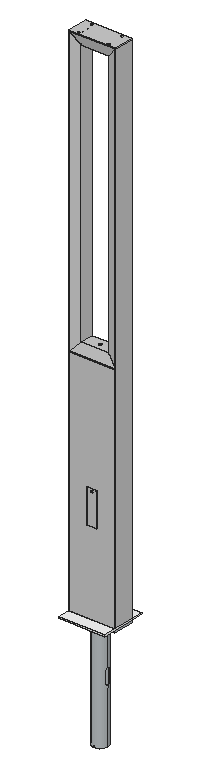
Revit family "BE_99075_de_DE", category Leuchten, Revit 2020
Family settings
  Basisbauteil = Fläche
  Bemaßung runder Anschluss = Durchmesser verwenden
  Teiletyp = Normal
  Beim Laden mit Abzugskörper schneiden = Ja
  Lichtquelle = Ja
  Gemeinsam genutzt = Nein
  Raumberechnungspunkt = Ja
Parameters (values of type "BEGA_99075_Silber_K3")
  built-in parameter 1150104 = 16.775 (stored number, unit not read)
  Windangriffsfläche = "1.63 m²"
  Werkzeuglos = ""
  Wattage = 35.5 W
  Default Elevation = 0 mm
  built-in parameter 1150113 = 1 (stored number, unit not read)
  built-in parameter 1114218 = 1 (stored number, unit not read)
  Umgebungstemperatur = "25 °C"
  URL = "https://www.bega.com/de/produkt/99075"
  Typenkommentare = "© 2022 BEGA. Wir behalten uns das Recht vor, technische Änderungen ohne vorherige Ankündigung vorzunehmen."  # constant formula
  Type Image = 99075.png
  built-in parameter 1150134 = (empty or 0)
  built-in parameter 1150109 = 1 (stored number, unit not read)
  Strom = ""
  built-in parameter 1150110 = 1 (stored number, unit not read)
  Spannung = 239.996 V
  Sonderanfertigung = no
  Seriennummer [instance] = "Hier können Sie die eindeutige Seriennummer für das Facility Management eintragen."
  Schutzklasse = "I"
  Schutzart = "IP 65"
  Scheinlast = 0 VA
  Produktdatenblatt = "https://cdn.bega.com/bega/products/99075K4/current/documents/data-sheets/de"
  Oberflächentemperatur = ""
  Neigungswinkel = 0.00°
  Modell = "99075AK3"
  Material_18 = BEGA_Gummi_schwarz
  Material_17 = BEGA_Reflektor
  Material_15 = BEGA_Leuchtmedium_matt
  Material_11 = BEGA_Glas_opal
  Material_10 = BEGA_Glas_matt
  Material_09 = BEGA_Glas_klar
  Material_06 = BEGA_Oberfläche_Edelstahl_gebürstet
  Material_03 = BEGA_Oberfläche_Weiss_matt
  Material_02 = BEGA_Oberfläche_Silber_matt
  Material_01 [instance] = BEGA_Oberfläche_Grafit_matt
  M_W = no
  M_G = no
  M_A = yes
  Logo = 0
  built-in parameter 1114217 = 1 (stored number, unit not read)
  built-in parameter 1150139 = (empty or 0)
  built-in parameter 1150105 = 510.08 (stored number, unit not read)
  built-in parameter 1150114 = 1 (stored number, unit not read)
  Lumens = 6409.88 lm
  built-in parameter 1150115 = 1 (stored number, unit not read)
  Leuchtenlichtstrom = "3767 lm"
  Leuchtenanzahl = ""
  Lebensdauerkriterien = "L70B50 @ 25 °C = 200000 h"
  Lastklassifizierung = Beleuchtung
  built-in parameter 1150112 = 1 (stored number, unit not read)
  Lampenlichtstrom = "6680 lm"
  Lampe = "LED 35.2 W"
  LED_Modulbezeichnung = "LED-0315/830"
  built-in parameter 1150142 = "IESNA:LM-63-1995\r\n[TEST] \r\n[MANUFAC] BEGA\r\n[MORE] Converted by LUMCat V \r\n[MORE] 07.12.2016 / H.R.\r\n[LUMCAT] \r\n[LUMINAIRE] 99075K3 0°\r\n[LAMPCAT] LED  35,5W\r\n[LAMPCAT] LED  35,5W    3615 lm,   42 W\r\n[LAMP] LED  35,5W\r\nTILT=NONE\r\n1    3615 1.0 73 19 1 2 0.100 0.220 0.000\r\n1.0 1.0 42\r\n   0.0   2.5   5.0   7.5  10.0  12.5  15.0  17.5  20.0  22.5  25.0  27.5  30.0\r\n  32.5  35.0  37.5  40.0  42.5  45.0  47.5  50.0  52.5  55.0  57.5  60.0  62.5\r\n  65.0  67.5  70.0  72.5  75.0  77.5  80.0  82.5  85.0  87.5  90.0  92.5  95.0\r\n  97.5 100.0 102.5 105.0 107.5 110.0 112.5 115.0 117.5 120.0 122.5 125.0 127.5\r\n 130.0 132.5 135.0 137.5 140.0 142.5 145.0 147.5 150.0 152.5 155.0 157.5 160.0\r\n 162.5 165.0 167.5 170.0 172.5 175.0 177.5 180.0\r\n   0.0   5.0  10.0  15.0  20.0  25.0  30.0  35.0  40.0  45.0  50.0  55.0  60.0\r\n  65.0  70.0  75.0  80.0  85.0  90.0\r\n       2.9       6.6     132.9     452.5     554.3     376.1     194.1      65.7\r\n      39.3      34.3      30.3      24.0      18.3      13.9      10.3       7.6\r\n       5.6       4.2       3.2       2.3       1.6       1.1       0.6       0.3\r\n       0.2       0.1       0.0       0.1       0.1       0.0       0.1       0.0\r\n       0.1       0.0       0.1       0.1       0.0       0.1       0.1       0.0\r\n       0.1       0.1       0.0       0.0       0.0       0.0       0.0       0.0\r\n       0.0       0.0       0.0       0.0       0.0       0.0       0.1       0.0\r\n       0.0       0.0       0.0       0.0       0.0       0.0       0.1       0.0\r\n       0.1       0.1       0.1       0.1       0.1       0.1       0.1       0.3\r\n       0.3\r\n       2.9       6.6     137.3     481.2     601.8     410.8     214.3      77.2\r\n      45.4      38.3      33.4      26.9      21.0      15.8      12.0       8.9\r\n       6.7       5.0       3.8       2.9       2.1       1.6       1.0       0.7\r\n       0.5       0.4       0.3       0.3       0.3       0.2       0.2       0.2\r\n       0.1       0.1       0.1       0.1       0.1       0.1       0.1       0.1\r\n       0.1       0.1       0.1       0.1       0.1       0.1       0.1       0.1\r\n       0.1       0.1       0.0       0.0       0.0       0.0       0.0       0.1\r\n       0.0       0.0       0.1       0.0       0.0       0.0       0.0       0.0\r\n       0.1       0.1       0.1       0.1       0.1       0.1       0.1       0.3\r\n       0.3\r\n       2.9       6.7     150.2     568.2     740.3     532.9     297.1     137.5\r\n      80.7      60.4      50.8      41.9      35.0      29.4      24.8      21.0\r\n      17.9      15.4      13.2      11.5      10.3       9.3       8.4       7.6\r\n       6.9       6.3       5.8       5.6       5.2       4.8       4.4       4.2\r\n       3.9       3.7       3.4       3.2       3.0       2.8       2.6       2.4\r\n       2.3       2.2       2.2       2.0       1.9       1.8       1.6       1.5\r\n       1.3       1.1       0.9       0.7       0.4       0.3       0.2       0.1\r\n       0.1       0.1       0.1       0.0       0.0       0.1       0.0       0.1\r\n       0.1       0.1       0.0       0.0       0.1       0.1       0.1       0.3\r\n       0.3\r\n       2.9       6.8     170.3     700.6     950.2     748.7     484.2     311.3\r\n     223.8     176.3     145.9     119.6      98.0      81.9      68.9      58.7\r\n      50.4      43.5      37.2      32.4      28.5      25.3      22.7      20.5\r\n      18.6      17.1      15.7      14.6      13.4      12.4      11.6      10.7\r\n       9.8       9.0       8.3       7.6       7.1       6.7       6.0       5.7\r\n       5.2       4.7       4.4       4.0       3.7       3.3       3.0       2.9\r\n       2.7       2.5       2.3       1.9       1.6       1.4       1.2       0.9\r\n       0.6       0.4       0.3       0.2       0.1       0.1       0.1       0.1\r\n       0.1       0.1       0.1       0.0       0.1       0.1       0.1       0.3\r\n       0.3\r\n       2.9       6.9     194.2     855.8    1211.6    1059.7     806.0     659.3\r\n     565.7     507.8     449.6     388.9     330.3     278.9     233.5     196.6\r\n     164.3     136.9     112.9      92.2      74.0      59.1      47.6      38.9\r\n      32.5      28.5      25.8      23.5      21.5      19.9      18.3      16.8\r\n      15.5      14.2      12.9      11.7      11.0      10.3       9.6       8.8\r\n       8.0       7.1       6.4       5.9       5.4       4.9       4.4       4.0\r\n       3.6       3.3       3.1       2.8       2.5       2.2       2.0       1.7\r\n       1.4       1.1       0.8       0.6       0.4       0.3       0.2       0.3\r\n       0.1       0.1       0.1       0.1       0.1       0.1       0.1       0.3\r\n       0.3\r\n       2.9       7.0     218.9    1021.6    1505.4    1410.8    1186.5    1056.9\r\n     957.4     880.3     798.6     714.5     629.9     551.0     477.8     412.1\r\n     353.6     300.8     253.0     210.2     171.2     136.3     106.6      82.0\r\n      62.6      48.5      38.6      31.9      28.2      25.4      23.1      21.0\r\n      19.3      17.3      15.9      14.4      13.5      12.4      11.6      10.5\r\n       9.6       8.9       8.0       7.4       6.7       6.0       5.5       5.1\r\n       4.6       4.2       3.9       3.5       3.1       2.8       2.5       2.1\r\n       2.0       1.7       1.4       1.1       0.8       0.7       0.5       0.5\r\n       0.4       0.4       0.3       0.2       0.1       0.1       0.2       0.3\r\n       0.3\r\n       2.9       7.0     243.0    1189.7    1793.5    1737.2    1553.6    1445.7\r\n    1356.1    1261.3    1156.7    1047.8     937.4     833.4     735.9     643.3\r\n     560.4     483.8     413.2     349.2     289.5     235.9     189.7     150.2\r\n     117.7      91.7      70.8      54.3      42.8      34.1      27.9      23.7\r\n      20.6      18.0      16.1      14.5      13.4      12.6      11.5      10.8\r\n       9.9       9.1       8.4       7.9       7.3       6.6       6.1       5.5\r\n       5.0       4.6       4.2       3.9       3.5       3.1       2.8       2.5\r\n       2.2       2.0       1.8       1.6       1.2       1.0       0.9       0.8\r\n       0.7       0.7       0.5       0.4       0.2       0.1       0.2       0.3\r\n       0.3\r\n       2.9       7.0     265.5    1344.6    2046.0    2024.4    1893.5    1800.0\r\n    1707.0    1600.8    1485.1    1363.3    1238.1    1113.9     992.2     874.4\r\n     767.5     668.0     577.3     495.2     420.8     353.3     294.7     243.5\r\n     199.4     162.9     131.4     104.5      82.3      64.5      50.1      38.9\r\n      30.0      22.8      18.0      14.6      12.9      11.7      10.8      10.0\r\n       9.4       8.8       8.2       7.6       7.2       6.6       6.2       5.7\r\n       5.2       4.7       4.4       4.1       3.7       3.3       3.0       2.8\r\n       2.6       2.1       2.0       1.8       1.6       1.3       1.1       1.0\r\n       0.9       0.9       0.8       0.6       0.3       0.2       0.2       0.3\r\n       0.3\r\n       2.9       6.8     284.6    1471.3    2256.5    2265.9    2183.2    2112.0\r\n    2030.4    1931.6    1813.8    1685.0    1549.2    1414.5    1283.5    1154.8\r\n    1028.6     908.7     792.7     685.9     586.1     499.4     425.7     359.0\r\n     302.1     253.5     211.0     173.7     141.6     113.8      89.9      68.6\r\n      50.5      35.5      23.6      15.7      11.9      11.0      10.1       9.4\r\n       8.9       8.4       7.9       7.2       6.7       6.3       6.0       5.5\r\n       5.1       4.7       4.4       4.0       3.7       3.4       3.1       2.8\r\n       2.6       2.3       2.1       1.9       1.7       1.5       1.3       1.3\r\n       1.1       1.1       1.0       0.9       0.5       0.3       0.2       0.3\r\n       0.3\r\n       2.9       6.7     297.9    1572.2    2422.3    2464.8    2410.3    2342.8\r\n    2259.1    2163.7    2061.4    1948.8    1831.5    1707.1    1577.3    1437.7\r\n    1295.2    1152.4    1010.6     880.0     761.1     656.2     561.6     480.3\r\n     408.6     346.2     290.9     242.5     199.4     161.1     126.5      97.3\r\n      70.8      48.2      29.8      17.4      11.8      10.4       9.4       8.7\r\n       8.1       7.8       7.5       6.8       6.3       6.1       5.6       5.4\r\n       5.0       4.7       4.3       3.9       3.8       3.5       3.1       2.8\r\n       2.5       2.3       2.2       2.0       1.7       1.5       1.4       1.4\r\n       1.3       1.3       1.2       1.1       0.7       0.3       0.2       0.3\r\n       0.3\r\n       2.9       6.5     303.7    1656.9    2546.9    2616.9    2575.7    2515.9\r\n    2442.6    2356.8    2256.2    2158.3    2051.9    1921.8    1779.5    1624.1\r\n    1465.8    1309.1    1160.3    1026.7     903.9     790.1     692.1     600.3\r\n     518.9     445.9     378.6     318.0     263.1     212.5     167.8     127.8\r\n      91.3      59.9      35.7      18.7      11.1       9.8       8.5       7.9\r\n       7.6       7.1       6.8       6.5       6.1       5.6       5.2       4.9\r\n       4.4       4.3       4.1       3.7       3.4       3.2       3.0       2.7\r\n       2.6       2.3       2.1       1.8       1.7       1.6       1.5       1.4\r\n       1.3       1.3       1.3       1.3       0.9       0.4       0.2       0.3\r\n       0.3\r\n       2.9       6.3     302.0    1723.3    2636.3    2716.9    2681.2    2635.3\r\n    2570.0    2498.8    2428.1    2337.4    2210.9    2060.6    1895.9    1729.8\r\n    1562.3    1402.7    1258.3    1127.2    1005.5     893.9     789.5     692.7\r\n     602.7     518.4     440.6     368.1     302.9     244.1     191.5     144.9\r\n     103.2      67.6      39.0      19.2      10.2       8.9       7.7       7.0\r\n       6.6       6.3       5.9       5.6       5.4       5.0       4.8       4.6\r\n       4.3       4.0       3.8       3.5       3.3       3.1       2.9       2.7\r\n       2.4       2.1       1.9       1.8       1.6       1.5       1.4       1.4\r\n       1.4       1.3       1.4       1.5       1.2       0.5       0.3       0.3\r\n       0.3\r\n       2.9       6.1     295.3    1765.5    2703.5    2777.7    2748.5    2702.0\r\n    2651.3    2596.9    2534.2    2430.1    2290.9    2132.1    1962.8    1791.7\r\n    1626.4    1475.6    1335.2    1199.8    1073.3     951.4     838.8     732.3\r\n     634.1     543.4     459.9     382.4     314.3     252.5     198.4     149.0\r\n     105.4      68.3      38.9      18.5       9.6       8.3       6.9       6.0\r\n       5.8       5.5       5.2       5.0       4.7       4.4       4.3       4.0\r\n       3.8       3.7       3.4       3.1       3.0       2.8       2.5       2.3\r\n       2.2       2.0       1.8       1.6       1.6       1.4       1.3       1.3\r\n       1.4       1.4       1.4       1.6       1.3       0.7       0.3       0.3\r\n       0.3\r\n       2.9       6.0     286.4    1785.2    2749.9    2819.8    2792.1    2753.9\r\n    2709.2    2674.4    2598.3    2469.8    2321.5    2154.0    1985.4    1817.2\r\n    1663.6    1516.5    1375.1    1239.7    1107.3     980.7     860.7     747.9\r\n     643.5     547.7     460.1     381.2     311.5     249.3     193.7     143.6\r\n     100.6      64.5      36.4      16.7       8.3       7.2       5.9       5.0\r\n       4.7       4.5       4.3       4.2       3.9       3.8       3.6       3.4\r\n       3.2       3.1       2.9       2.7       2.6       2.4       2.3       2.2\r\n       1.9       1.8       1.6       1.6       1.4       1.2       1.2       1.2\r\n       1.3       1.3       1.4       1.6       1.4       0.8       0.3       0.3\r\n       0.3\r\n       2.9       5.9     277.4    1793.4    2771.4    2839.2    2813.7    2777.7\r\n    2748.3    2715.8    2617.1    2482.6    2325.2    2154.2    1988.5    1826.9\r\n    1679.2    1531.0    1388.7    1246.4    1104.2     974.5     850.8     736.8\r\n     628.9     531.1     443.7     365.3     296.7     231.6     176.6     129.8\r\n      89.8      57.1      32.1      15.1       7.4       6.3       5.2       4.1\r\n       3.8       3.7       3.6       3.4       3.3       3.1       3.0       2.7\r\n       2.6       2.5       2.5       2.4       2.2       2.1       1.9       1.8\r\n       1.7       1.5       1.4       1.2       1.1       1.0       1.1       1.1\r\n       1.2       1.3       1.4       1.6       1.6       0.9       0.4       0.3\r\n       0.3\r\n       2.9       5.8     269.5    1799.4    2780.8    2843.5    2821.6    2793.7\r\n    2771.3    2732.6    2625.0    2480.6    2317.6    2150.9    1988.1    1834.7\r\n    1684.6    1536.6    1387.7    1238.5    1100.1     965.6     841.5     721.9\r\n     613.7     517.3     428.9     349.6     276.2     214.8     160.5     116.8\r\n      80.3      50.5      28.4      13.1       6.5       5.3       4.2       3.0\r\n       2.9       2.8       2.7       2.5       2.4       2.4       2.3       2.2\r\n       2.0       2.0       1.9       1.8       1.7       1.6       1.5       1.4\r\n       1.3       1.2       1.0       1.0       0.9       0.9       0.9       0.9\r\n       1.0       1.2       1.3       1.6       1.6       1.0       0.4       0.3\r\n       0.3\r\n       2.9       5.7     263.1    1802.3    2786.6    2845.3    2824.9    2802.0\r\n    2789.0    2744.0    2624.1    2477.0    2315.9    2147.5    1987.9    1836.7\r\n    1687.4    1536.8    1383.6    1235.1    1093.2     958.3     833.0     713.9\r\n     605.7     506.6     417.2     332.8     261.0     199.8     149.3     107.5\r\n      74.3      46.5      25.6      11.6       5.4       4.4       3.3       2.1\r\n       1.8       1.8       1.8       1.7       1.6       1.6       1.4       1.4\r\n       1.2       1.4       1.3       1.2       1.1       1.0       0.9       0.9\r\n       0.8       0.7       0.7       0.7       0.7       0.6       0.7       0.7\r\n       0.9       1.1       1.2       1.5       1.6       1.0       0.4       0.3\r\n       0.3\r\n       2.9       5.6     259.1    1801.3    2787.1    2844.8    2827.5    2805.5\r\n    2796.1    2740.6    2622.9    2472.7    2307.0    2141.5    1988.1    1835.9\r\n    1684.4    1533.6    1378.7    1228.3    1087.9     954.2     827.1     708.0\r\n     598.7     500.5     405.3     322.1     249.3     190.9     140.9     102.4\r\n      69.1      42.5      23.3      10.2       4.2       3.2       2.2       1.2\r\n       0.9       0.8       0.8       0.8       0.7       0.7       0.6       0.6\r\n       0.6       0.5       0.5       0.5       0.5       0.4       0.4       0.4\r\n       0.3       0.3       0.3       0.3       0.4       0.4       0.5       0.7\r\n       0.8       1.0       1.2       1.5       1.7       1.1       0.4       0.3\r\n       0.3\r\n       2.9       5.6     257.7    1800.9    2785.7    2841.4    2824.7    2803.7\r\n    2796.5    2741.2    2615.0    2466.7    2305.1    2138.2    1984.9    1835.5\r\n    1683.6    1527.9    1375.5    1237.6    1086.1     946.2     822.2     703.2\r\n     594.2     495.7     399.5     317.3     246.4     186.8     137.8      99.6\r\n      66.3      40.7      22.2       8.8       3.0       2.2       1.3       0.2\r\n       0.1       0.1       0.1       0.1       0.1       0.1       0.1       0.1\r\n       0.1       0.1       0.1       0.1       0.1       0.1       0.1       0.1\r\n       0.1       0.1       0.1       0.1       0.1       0.2       0.4       0.6\r\n       0.8       1.0       1.2       1.5       1.7       1.1       0.4       0.2\r\n       0.3\r\n"
  Hersteller = "BEGA"  # constant formula
  Halbstreuwinkel = ""
  Gewicht = "81.5 kg"
  Frequenz = "0/50-60 Hz"
  Farbwiedergabeindex = "CRI > 80"
  Farbtemperaturverschiebung bei Dämpfen der Lampe = <Keine Auswahl>
  Farbtemperatur = "3000 K"
  Color Filter = 16777215
  Erdstück [instance] = no
  built-in parameter 1150133 = 10 (stored number, unit not read)
  Energieeffizienzklasse = "LED A++ - A"
  built-in parameter 1150137 = (empty or 0)
  built-in parameter 1150132 = (empty or 0)
  ENEC = "ja"
  Dimmbar [instance] = "DALI"
  Datei für fotometrisches Netz = "BE_99075K3.IES"
  CE_Konformität = "ja"
  Bestellnummer_Erdstück [instance] = if(Erdstück, "71 139", "---")  # "---"
  Bestellnummer = "99075AK3"
  Beschreibung_Sonderanfertigung = "Hier können Sie Informationen zur Sonderanfertigung eintragen."
  Beschreibung = "Lichtbauelement"
  built-in parameter 1150106 = 5.1008 (stored number, unit not read)
  Befestigungsbohrung = "Ø 22 mm"
  Befestigungsabstand = "320 x 320 mm"
  BEGA_Intern_aus = yes
  BEGA_Intern_an = yes
  BEGA_Intern_Konstruktion = yes
  BEGA_Intern = yes
  BEGA_Infotext_Winkel [instance] = no
  BEGA_IES3 = yes
  BEGA_IES2 = yes
  BEGA_IES1 = yes
  BEGA_IES = yes
  BEGA_Dummy = no
  Anschlussleitung = ""
  Anschlussleistung [instance] = "40 W"
  built-in parameter 1150107 = 3000 (stored number, unit not read)
  built-in parameter 1150102 = (empty or 0)
  built-in parameter 1150138 = (empty or 0)
  Aktualisierung = "2022-05-20T04:00:08"
  Abstand_zur_angestrahlten_Fläche [instance] = ""
  AC/DC = "AC/DC"
Reference planes
  plane 1 "Mitte (Vorne/Hinten)": y = 0
  plane 2: z = 0
  plane 3 "Mitte (Links/Rechts)": x = 0
  plane 4 "Links": x = -200.3
  plane 5 "Rechts": x = 200.3
  plane 6 "Unten": y = -90.319
  plane 7 "Oben": y = 90.319
  plane 8 "Vorne": z = 4508
  plane 9 "Hinten": z = -1000.5
Forms (mm)
  Extrusion 1, solid, material "BEGA_Platte_Weiss"
    sketch origin (0, -1119.2, 0) x (1, 0, 0) y (0, 1, 0)
      loop
        line (-200, 1319.2) -> (-200, 919.2) -> (200, 919.2) -> (200, 1319.2) -> (-200, 1319.2)
    from 0 to -10
  Extrusion 2, solid, material "BEGA_Dummy_matt", visible <- "BEGA_Dummy"
    sketch origin (80.095, -76.023, 0) x (1, 0, 0) y (0, 1, 0)
      loop
        line (-280.395, 166.342) -> (-280.395, -14.296) -> (120.205, -14.296) -> (120.205, 166.342) -> (-280.395, 166.342)
    from 0 to 4508
Dimensions and locks
  plane 1 "Mitte (Vorne/Hinten)" to Extrusion 1 = 200 mm
  aligned and locked: plane 2 to Extrusion 1
  aligned and locked: level to Extrusion 1
Nested families
  nested 1: "BE_99075" at (0, 0, 0), type "BE_99075"
Connectors
  electrical at (0, 0, 0), driven by "Lastklassifizierung", driven by "Spannung", driven by "Scheinlast"
    settings: index 1, voltage 239.996 V, apparent load 0 VA, apparent load phase1 0 VA, apparent load phase2 0 VA, apparent load phase3 0 VA, power factor 1, load classification "Beleuchtung", number of poles 1, system type 31, power factor state 1, is connector primary yes, connector utility no, sub classification motor no, connector description ""
Definition of nested family "BE_99075"
  Parameters (values of type "BE_99075")
    Default Elevation = 1 mm
    URL = "http://www.bega.de/de/produkt"
    Type Comments = "© 2015 BEGA. Wir behalten uns das Recht vor, technische Änderungen ohne vorherige Ankündigung vorzunehmen. "  # constant formula
    Type Image = (empty or 0)
    Material_18 = none
    Material_17 = none
    Material_15 = none
    Material_11 = none
    Material_10 = none
    Material_09 = none
    Material_08 = none
    Material_06 = none
    Material_03 = none
    Material_02 = none
    Material_01 = none
    M_W = yes
    M_G = yes
    M_A = yes
    Länge_Platte = 600 mm  # constant formula
    Höhe_Platte = -10 mm  # constant formula
    Manufacturer = "BEGA"  # constant formula
    Breite_Platte = 300 mm  # constant formula
  Reference planes
    plane 1 "Mitte (Oben/Unten)": y = 0
    plane 2: z = 0
    plane 3 "Mitte (Links/Rechts)": x = 0
    plane 4: x = -200.3
    plane 5: z = -1000.5
    plane 6: x = 200.3
    plane 7: z = 4508
    plane 8: y = 90.319
    plane 9: y = -90.319
  Forms (mm)
    Extrusion 1, solid, detail levels medium
      sketch origin (0, 0, 0) x (1, 0, 0) y (0, 1, 0)
        loop
          line (-300, 150) -> (-300, -150) -> (300, -150) -> (300, 150) -> (-300, 150)
      from 0 to -10 <- "Höhe_Platte"
    Extrusion 2, solid, material <- "Material_01", visible <- "M_G", detail levels medium+fine
      sketch origin (0, 0, 0) x (1, 0, 0) y (0, 1, 0)
        loop
          line (-119.7, 60) -> (-199.7, 91.373) -> (-199.7, -91.373) -> (-119.7, -60) -> (-119.7, 60)
        loop
          line (119.7, 60) -> (119.7, -60) -> (199.7, -91.373) -> (199.7, 91.373) -> (119.7, 60)
      from 0 to 4500
    Extrusion 3, solid, material <- "Material_01", visible <- "M_G", detail levels medium+fine
      sketch origin (0, 0, 0) x (0, 1, 0) y (0, 0, 1)
        loop
          line (60, 4410) -> (90, 4500) -> (84.729, 4500) -> (60, 4425.811) -> (60, 4410)
        loop
          line (-60, 4410) -> (-60, 4425.811) -> (-84.729, 4500) -> (-90, 4500) -> (-60, 4410)
      from -199.7 to 199.7
    Extrusion 4, solid, material <- "Material_01", visible <- "M_G", detail levels medium+fine
      sketch origin (0, 0, 0) x (1, 0, 0) y (0, 0, 1)
        loop
          line (-200.3, 4508) -> (-200.3, 4500) -> (200.3, 4500) -> (200.3, 4508) -> (-200.3, 4508)
      from -90.319 to 90.31
    Extrusion 5, solid, material <- "Material_01", visible <- "M_G", detail levels medium+fine
      sketch origin (0, 0, 8360) x (0, 1, 0) y (0, 0, 1)
        loop
          line (90, -6349.8) -> (90, -6339.875) -> (60, -6259.8) -> (-60, -6259.8) -> (-90, -6339.875) -> (-90, -6349.8) -> (-85.5, -6349.8) -> (-85.5, -6364.8) -> (-81.3, -6364.8) -> (-80.719, -6348.145) -> (-55, -6271.8) -> (55, -6271.8) -> (80.719, -6348.145) -> (81.3, -6364.8) -> (85.5, -6364.8) -> (85.5, -6349.8) -> (90, -6349.8)
      from -199.7 to 199.7
    Extrusion 6, solid, material <- "Material_01", visible <- "M_G", detail levels medium+fine
      sketch origin (0, 0, 0) x (0, 1, 0) y (0, 0, 1)
        loop
          line (90, 2010) -> (86, 2010) -> (86, 0) -> (90, 0) -> (90, 2010)
        loop
          line (-90, 2010) -> (-90, 0) -> (-86, 0) -> (-86, 2010) -> (-90, 2010)
      from -199.7 to 199.7
    Extrusion 7, void
      sketch origin (0, 0, 0) x (1, 0, 0) y (0, 1, 0)
        loop
          line (-193.524, 92.676) -> (-201.354, 92.676) -> (-201.354, 84.846) -> (-193.524, 92.676)
        loop
          line (-193.524, -92.676) -> (-201.354, -84.846) -> (-201.354, -92.676) -> (-193.524, -92.676)
        loop
          line (193.524, 92.676) -> (201.354, 84.846) -> (201.354, 92.676) -> (193.524, 92.676)
        loop
          line (193.524, -92.676) -> (201.354, -92.676) -> (201.354, -84.846) -> (193.524, -92.676)
      from 0 to 4536.84
    Sweep 8, solid, material <- "Material_08", detail levels medium+fine
      path origin (0, 0, 0) x (1, 0, 0) y (0, 1, 0)
        loop
          line (200.3, 90.319) -> (-200.3, 90.319) -> (-200.3, -90.31) -> (200.3, -90.31) -> (200.3, 90.319)
      profile origin (0, 90.319, 0) x (0, -1, 0) y (0, 0, 1)
        loop
          arc (6.819, -0.5) -> (3.283, -1.964) -> (1.819, -5.5) r 5
          line (1.819, -5.5) -> (1.819, -30.5) -> (5.819, -30.5) -> (5.819, -4.5) -> (21.819, -4.5) -> (21.819, -0.5) -> (6.819, -0.5)
    Revolve 9, solid, material <- "Material_08", detail levels medium+fine
      sketch origin (0, 0, 0) x (1, 0, 0) y (0, 0, 1)
        loop
          line (-62.9, -1000.5) -> (-62.9, 699.5) -> (-66.5, 699.5) -> (-66.5, -1000.5) -> (-62.9, -1000.5)
        axis (0, 699.5) -> (0, -1000.5)
      angle from 0 to 360
    Extrusion 10, solid, material <- "Material_08", detail levels medium+fine
      sketch origin (0, 0, 0) x (1, 0, 0) y (0, 1, 0)
        loop
          circle (0, 0) r 66.5
        loop
          line (-178.481, 68.5) -> (-178.481, -68.491) -> (178.481, -68.491) -> (178.481, 68.5) -> (-178.481, 68.5)
      from -4.5 to -0.5
    Extrusion 11, void
      sketch origin (0, 0, 0) x (1, 0, 0) y (0, 0, 1)
        loop
          circle (0, -990.5) r 3.75
      from -68.5 to 68.5
    Extrusion 12, void
      sketch origin (0, 0, 0) x (0, 1, 0) y (0, 0, 1)
        loop
          line (-25, -405.5) -> (-25, -505.5)
          arc (-25, -505.5) -> (0, -530.5) -> (25, -505.5) r 25
          line (25, -505.5) -> (25, -405.5)
          arc (25, -405.5) -> (0, -380.5) -> (-25, -405.5) r 25
      from -73.573 to 74.839
    Revolve 13, solid, material <- "Material_06", detail levels fine
      sketch origin (0, 75, 0) x (-1, 0, 0) y (0, 0, 1)
        loop
          line (-137.35, 4508.5) -> (-137.35, 4507.539) -> (-130, 4507.539) -> (-130, 4508.5) -> (-137.35, 4508.5)
        axis (-130, 4508.5) -> (-130, 4507.5)
      angle from 0 to 360
    Revolve 14, solid, material <- "Material_06", detail levels fine
      sketch origin (0, -75, 0) x (-1, 0, 0) y (0, 0, 1)
        loop
          line (-137.35, 4508.5) -> (-137.35, 4507.539) -> (-130, 4507.539) -> (-130, 4508.5) -> (-137.35, 4508.5)
        axis (-130, 4508.5) -> (-130, 4507.5)
      angle from 0 to 360
    Revolve 15, solid, material <- "Material_06", detail levels fine
      sketch origin (0, 75, 0) x (1, 0, 0) y (0, 0, 1)
        loop
          line (-137.35, 4508.5) -> (-137.35, 4507.539) -> (-130, 4507.539) -> (-130, 4508.5) -> (-137.35, 4508.5)
        axis (-130, 4508.5) -> (-130, 4507.5)
      angle from 0 to 360
    Revolve 16, solid, material <- "Material_06", detail levels fine
      sketch origin (0, -75, 0) x (1, 0, 0) y (0, 0, -1)
        loop
          line (-137.35, -4508.5) -> (-130, -4508.5) -> (-130, -4507.539) -> (-137.35, -4507.539) -> (-137.35, -4508.5)
        axis (-130, -4508.5) -> (-130, -4507.5)
      angle from 0 to 360
    Extrusion 17, void
      sketch origin (0, 0, 0) x (1, 0, 0) y (0, 0, 1)
        loop
          line (40.954, 1017.284) -> (-40.954, 1017.284)
          arc (-40.954, 1017.284) -> (-44.277, 1015.908) -> (-45.654, 1012.584) r 4.7
          line (-45.654, 1012.584) -> (-45.654, 724.602)
          arc (-45.654, 724.602) -> (-44.277, 721.279) -> (-40.954, 719.902) r 4.7
          line (-40.954, 719.902) -> (40.954, 719.902)
          arc (40.954, 719.902) -> (44.277, 721.279) -> (45.654, 724.602) r 4.7
          line (45.654, 724.602) -> (45.654, 1012.584)
          arc (45.654, 1012.584) -> (44.277, 1015.908) -> (40.954, 1017.284) r 4.7
      from 88 to 95.842
    Extrusion 18, solid, material <- "Material_01", visible <- "M_G", detail levels medium+fine
      sketch origin (0, 0, 0) x (1, 0, 0) y (0, 0, 1)
        loop
          arc (-40.647, 1016.571) -> (-43.701, 1015.537) -> (-45, 1012.587) r 4
          line (-45, 1012.587) -> (-44.984, 724.94)
          arc (-44.984, 724.94) -> (-43.829, 721.758) -> (-40.647, 720.602) r 4
          line (-40.647, 720.602) -> (41.012, 720.587)
          arc (41.012, 720.587) -> (43.955, 721.891) -> (44.984, 724.941) r 4
          line (44.984, 724.941) -> (44.984, 1012.233)
          arc (44.984, 1012.233) -> (43.951, 1015.287) -> (41, 1016.587) r 4
          line (41, 1016.587) -> (-40.647, 1016.571)
      from 88 to 90
    Revolve 19, void
      sketch origin (0, 0, 0) x (0, 1, 0) y (0, 0, 1)
        loop
          line (-84.147, 1004.8) -> (-95.722, 1004.8) -> (-95.722, 994.6) -> (-84.147, 994.6) -> (-84.147, 1004.8)
        axis (-84.147, 994.6) -> (-95.722, 994.6)
      angle from 0 to 360
    Revolve 20, solid, material <- "Material_01", visible <- "M_G", detail levels medium+fine
      sketch origin (0, 0, 0) x (0, 1, 0) y (0, 0, 1)
        loop
          line (-72, 1003.35) -> (-72, 999.881) -> (-68.5, 999.85) -> (-68.5, 1003.473)
          arc (-68.5, 1003.473) -> (-69.379, 1005.595) -> (-71.502, 1006.473) r 3
          line (-71.502, 1006.473) -> (-90, 1006.635) -> (-90, 1003.664) -> (-72, 1003.35)
        axis (-68.5, 994.6) -> (-90, 994.6)
      angle from 0 to 360
    Revolve 21, solid, material <- "Material_06", detail levels fine
      sketch origin (0, 0, 0) x (0, 1, 0) y (0, 0, 1)
        loop
          line (-75, 1001.6) -> (-75, 999.6) -> (-84, 999.6) -> (-85, 998.6) -> (-85, 994.6) -> (-72, 994.6) -> (-72, 1001.6) -> (-75, 1001.6)
        axis (-72, 994.6) -> (-85, 994.6)
      angle from 0 to 360
    Revolve 22, void
      sketch origin (0, 0, 0) x (1, 0, 0) y (0, 0, 1)
        loop
          line (-3.893, 2095.843) -> (0, 2095.843) -> (0, 2100.2) -> (-8.25, 2100.2) -> (-3.893, 2095.843)
        axis (0, 2100.2) -> (0, 2095.843)
      angle from 0 to 360
    Revolve 23, solid, material <- "Material_06", detail levels fine
      sketch origin (0, 0, 0) x (1, 0, 0) y (0, 0, 1)
        loop
          line (0, 2099.85) -> (-7.35, 2099.85) -> (-7.35, 2098.935) -> (0, 2098.935) -> (0, 2099.85)
        axis (0, 2099.85) -> (0, 2098.85)
      angle from 0 to 360
    Sweep 24, solid, material <- "Material_01", visible <- "M_G", detail levels medium+fine
      path origin (0, 0, 0) x (1, 0, 0) y (0, 1, 0)
        loop
          line (-119.7, -60) -> (119.7, -60) -> (119.7, 60) -> (-119.7, 60) -> (-119.7, -60)
      profile origin (-119.7, 0, 0) x (-1, 0, 0) y (0, 0, 1)
        loop
          line (-8.7, 4414) -> (-7.244, 4410) -> (0, 4410) -> (0, 4419) -> (-13.025, 4419) -> (-13.2, 4414) -> (-8.7, 4414)
    Extrusion 25, solid, material <- "Material_10", detail levels medium+fine
      sketch origin (0, 0, 0) x (1, 0, 0) y (0, 0, 1)
        loop
          line (-106.25, 4414) -> (-106.25, 4412.9) -> (-110.75, 4412.9) -> (-110.75, 4408.9) -> (110.75, 4408.9) -> (110.75, 4412.9) -> (106.25, 4412.9) -> (106.25, 4414) -> (-106.25, 4414)
      from -50.75 to 50.71
    Extrusion 26, solid, material <- "Material_02", visible <- "M_A", detail levels medium+fine
      sketch origin (0, 0, 0) x (1, 0, 0) y (0, 1, 0)
        loop
          line (-119.7, 60) -> (-199.7, 91.373) -> (-199.7, -91.373) -> (-119.7, -60) -> (-119.7, 60)
        loop
          line (119.7, 60) -> (119.7, -60) -> (199.7, -91.373) -> (199.7, 91.373) -> (119.7, 60)
      from 0 to 4500
    Extrusion 27, solid, material <- "Material_02", visible <- "M_A", detail levels medium+fine
      sketch origin (0, 0, 0) x (0, 1, 0) y (0, 0, 1)
        loop
          line (60, 4410) -> (90, 4500) -> (84.729, 4500) -> (60, 4425.811) -> (60, 4410)
        loop
          line (-60, 4410) -> (-60, 4425.811) -> (-84.729, 4500) -> (-90, 4500) -> (-60, 4410)
      from -199.7 to 199.7
    Extrusion 28, solid, material <- "Material_02", visible <- "M_A", detail levels medium+fine
      sketch origin (0, 0, 0) x (1, 0, 0) y (0, 0, 1)
        loop
          line (-200.3, 4508) -> (-200.3, 4500) -> (200.3, 4500) -> (200.3, 4508) -> (-200.3, 4508)
      from -90.319 to 90.31
    Extrusion 29, solid, material <- "Material_02", visible <- "M_A", detail levels medium+fine
      sketch origin (0, 0, 8360) x (0, 1, 0) y (0, 0, 1)
        loop
          line (90, -6349.8) -> (90, -6339.875) -> (60, -6259.8) -> (-60, -6259.8) -> (-90, -6339.875) -> (-90, -6349.8) -> (-85.5, -6349.8) -> (-85.5, -6364.8) -> (-81.3, -6364.8) -> (-80.719, -6348.145) -> (-55, -6271.8) -> (55, -6271.8) -> (80.719, -6348.145) -> (81.3, -6364.8) -> (85.5, -6364.8) -> (85.5, -6349.8) -> (90, -6349.8)
      from -199.7 to 199.7
    Extrusion 30, solid, material <- "Material_02", visible <- "M_A", detail levels medium+fine
      sketch origin (0, 0, 0) x (0, 1, 0) y (0, 0, 1)
        loop
          line (90, 2010) -> (86, 2010) -> (86, 0) -> (90, 0) -> (90, 2010)
        loop
          line (-90, 2010) -> (-90, 0) -> (-86, 0) -> (-86, 2010) -> (-90, 2010)
      from -199.7 to 199.7
    Sweep 31, solid, material <- "Material_02", visible <- "M_A", detail levels medium+fine
      path origin (0, 0, 0) x (1, 0, 0) y (0, 1, 0)
        loop
          line (-119.7, -60) -> (119.7, -60) -> (119.7, 60) -> (-119.7, 60) -> (-119.7, -60)
      profile origin (-119.7, 0, 0) x (-1, 0, 0) y (0, 0, 1)
        loop
          line (-8.7, 4414) -> (-7.244, 4410) -> (0, 4410) -> (0, 4419) -> (-13.025, 4419) -> (-13.2, 4414) -> (-8.7, 4414)
    Extrusion 32, solid, material <- "Material_02", visible <- "M_A", detail levels medium+fine
      sketch origin (0, 0, 0) x (1, 0, 0) y (0, 0, 1)
        loop
          arc (-40.647, 1016.571) -> (-43.701, 1015.537) -> (-45, 1012.587) r 4
          line (-45, 1012.587) -> (-44.984, 724.94)
          arc (-44.984, 724.94) -> (-43.829, 721.758) -> (-40.647, 720.602) r 4
          line (-40.647, 720.602) -> (41.012, 720.587)
          arc (41.012, 720.587) -> (43.955, 721.891) -> (44.984, 724.941) r 4
          line (44.984, 724.941) -> (44.984, 1012.233)
          arc (44.984, 1012.233) -> (43.951, 1015.287) -> (41, 1016.587) r 4
          line (41, 1016.587) -> (-40.647, 1016.571)
      from 88 to 90
    Revolve 33, solid, material <- "Material_02", visible <- "M_A", detail levels medium+fine
      sketch origin (0, 0, 0) x (0, 1, 0) y (0, 0, 1)
        loop
          line (-72, 1003.35) -> (-72, 999.881) -> (-68.5, 999.85) -> (-68.5, 1003.473)
          arc (-68.5, 1003.473) -> (-69.379, 1005.595) -> (-71.502, 1006.473) r 3
          line (-71.502, 1006.473) -> (-90, 1006.635) -> (-90, 1003.664) -> (-72, 1003.35)
        axis (-68.5, 994.6) -> (-90, 994.6)
      angle from 0 to 360
  Cuts and joins
    Extrusion 7, Extrusion 17, Revolve 19, Revolve 22 cuts Extrusion 2
    Extrusion 7, Extrusion 17, Revolve 19, Revolve 22 cuts Extrusion 3
    Extrusion 7, Extrusion 17, Revolve 19, Revolve 22 cuts Extrusion 4
    Extrusion 7, Extrusion 17, Revolve 19, Revolve 22 cuts Extrusion 5
    Extrusion 7, Extrusion 17, Revolve 19, Revolve 22 cuts Extrusion 6
    joined: Extrusion 2, Extrusion 3, Extrusion 4, Extrusion 5, Extrusion 6, Sweep 24
    Extrusion 11, Extrusion 12 cuts Sweep 8
    Extrusion 11, Extrusion 12 cuts Revolve 9
    Extrusion 11, Extrusion 12 cuts Extrusion 10
    joined: Sweep 8, Revolve 9, Extrusion 10
    Revolve 19 cuts Extrusion 18
    joined: Extrusion 18, Revolve 20
    Extrusion 7 cuts Extrusion 26
    Extrusion 7 cuts Extrusion 27
    Extrusion 7 cuts Extrusion 28
    Extrusion 7, Revolve 22 cuts Extrusion 29
    Extrusion 7, Extrusion 17, Revolve 19 cuts Extrusion 30
    Extrusion 7 cuts Sweep 31
    joined: Extrusion 26, Extrusion 27, Extrusion 28, Extrusion 29, Extrusion 30, Sweep 31
    Revolve 19 cuts Extrusion 32
    joined: Extrusion 32, Revolve 33
  Dimensions and locks
    equal spacing: Extrusion 1 sketch curve, plane 3 "Mitte (Links/Rechts)", Extrusion 1 sketch curve
    equal spacing: Extrusion 1 sketch curve, plane 1 "Mitte (Oben/Unten)", Extrusion 1 sketch curve
    "Länge_Platte": Extrusion 1 sketch curve to Extrusion 1 sketch curve
    "Breite_Platte": Extrusion 1 sketch curve to Extrusion 1 sketch curve
    aligned and locked: Extrusion 1 to plane 2
    aligned and locked: level to Extrusion 1
  Automatic sketch dimensions
    Extrusion 2 sketch curve to plane 1 "Mitte (Oben/Unten)" = 91.373 mm  (x2)
    Extrusion 2 sketch curve to plane 3 "Mitte (Links/Rechts)" = 199.7 mm
    Extrusion 2 sketch curve to Extrusion 2 sketch curve = 80 mm  (x2)
    plane 3 "Mitte (Links/Rechts)" to Extrusion 2 sketch curve = 119.7 mm
    Extrusion 2 sketch curve to plane 1 "Mitte (Oben/Unten)" = 60 mm  (x2)
    plane 1 "Mitte (Oben/Unten)" to Extrusion 2 sketch curve = 60 mm  (x2)
    Extrusion 2 sketch curve to Extrusion 2 sketch curve = 31.373 mm  (x2)
    Extrusion 4 sketch curve to plane 3 "Mitte (Links/Rechts)" = 200.3 mm
    plane 3 "Mitte (Links/Rechts)" to Extrusion 4 sketch curve = 200.3 mm
    level to Extrusion 4 sketch curve = 4500 mm
    Extrusion 4 sketch curve to Extrusion 4 sketch curve = 8 mm
    Extrusion 5 sketch curve to plane 1 "Mitte (Oben/Unten)" = 90 mm
    Extrusion 5 sketch curve to Extrusion 5 sketch curve = 4.5 mm  (x2)
    Extrusion 5 sketch curve to Extrusion 5 sketch curve = 4.2 mm
    Extrusion 5 sketch curve to Extrusion 5 sketch curve = 4.781 mm  (x2)
    Extrusion 5 sketch curve to plane 1 "Mitte (Oben/Unten)" = 60 mm
    Extrusion 5 sketch curve to Extrusion 5 sketch curve = 5 mm  (x2)
    plane 1 "Mitte (Oben/Unten)" to Extrusion 5 sketch curve = 55 mm
    Extrusion 5 sketch curve to Extrusion 5 sketch curve = 25.719 mm
    Extrusion 5 sketch curve to Extrusion 5 sketch curve = 0.582 mm
    Extrusion 5 sketch curve to level = 2100.2 mm
    Extrusion 5 sketch curve to Extrusion 5 sketch curve = 12 mm
    Extrusion 5 sketch curve to Extrusion 5 sketch curve = 68.075 mm  (x2)
    Extrusion 5 sketch curve to Extrusion 5 sketch curve = 8.27 mm  (x2)
    Extrusion 5 sketch curve to Extrusion 5 sketch curve = 1.654 mm  (x2)
    Extrusion 5 sketch curve to Extrusion 5 sketch curve = 15 mm  (x2)
    Extrusion 6 sketch curve to level = 0 mm  (x2)
    plane 1 "Mitte (Oben/Unten)" to Extrusion 6 sketch curve = 90 mm
    Extrusion 6 sketch curve to Extrusion 6 sketch curve = 4 mm  (x2)
    Extrusion 6 sketch curve to plane 1 "Mitte (Oben/Unten)" = 86 mm
    Extrusion 6 sketch curve to Extrusion 6 sketch curve = 2010 mm
    Extrusion 6 sketch curve to Extrusion 6 sketch curve = 0 mm
    plane 1 "Mitte (Oben/Unten)" to Extrusion 7 sketch curve = 92.676 mm  (x2)
    Extrusion 7 sketch curve to plane 3 "Mitte (Links/Rechts)" = 201.354 mm
    Extrusion 7 sketch curve to plane 1 "Mitte (Oben/Unten)" = 84.846 mm
    Extrusion 7 sketch curve to Extrusion 7 sketch curve = 0 mm  (x2)
    Extrusion 7 sketch curve to Extrusion 7 sketch curve = 7.83 mm  (x7)
    Extrusion 7 sketch curve to plane 1 "Mitte (Oben/Unten)" = 92.676 mm
    plane 3 "Mitte (Links/Rechts)" to Extrusion 7 sketch curve = 193.524 mm
    plane 1 "Mitte (Oben/Unten)" to Extrusion 7 sketch curve = 84.846 mm
    Sweep 8 sketch curve to plane 1 "Mitte (Oben/Unten)" = 90.319 mm
    Sweep 8 sketch curve to plane 3 "Mitte (Links/Rechts)" = 200.3 mm
    plane 1 "Mitte (Oben/Unten)" to Sweep 8 sketch curve = 90.31 mm
    plane 3 "Mitte (Links/Rechts)" to Sweep 8 sketch curve = 200.3 mm
    Sweep 8 sketch curve to profile plane = 1.819 mm
    Sweep 8 sketch curve to Sweep 8 sketch curve = 4 mm
    Sweep 8 sketch curve to level = 0.5 mm
    Sweep 8 sketch curve to Sweep 8 sketch curve = 1 mm  (x2)
    Sweep 8 sketch curve to Sweep 8 sketch curve = 15 mm
    Sweep 8 sketch curve to Sweep 8 sketch curve = 25 mm
    Revolve 9 sketch curve to plane 3 "Mitte (Links/Rechts)" = 0 mm
    Revolve 9 sketch curve to plane 3 "Mitte (Links/Rechts)" = 62.9 mm
    Revolve 9 sketch curve to Revolve 9 sketch curve = 3.6 mm
    Revolve 9 sketch curve to level = 1000.5 mm
    level to Revolve 9 sketch curve = 699.5 mm
    level to Revolve 9 sketch curve = 324.5 mm
    Revolve 9 sketch curve to Revolve 9 sketch curve = 60 mm
    Extrusion 10 sketch curve to Extrusion 10 sketch curve = 0 mm  (x2)
    plane 1 "Mitte (Oben/Unten)" to Extrusion 10 sketch curve = 0 mm
    Extrusion 10 sketch curve to plane 3 "Mitte (Links/Rechts)" = 0 mm
    plane 1 "Mitte (Oben/Unten)" to Extrusion 10 sketch curve = 68.491 mm
    Extrusion 10 sketch curve to plane 3 "Mitte (Links/Rechts)" = 178.481 mm
    plane 3 "Mitte (Links/Rechts)" to Extrusion 10 sketch curve = 178.481 mm
    Extrusion 10 sketch curve to plane 1 "Mitte (Oben/Unten)" = 68.5 mm
    Extrusion 10 sketch curve to Extrusion 10 sketch curve = 66.5 mm
    Extrusion 12 sketch curve to plane 1 "Mitte (Oben/Unten)" = 0 mm
    plane 1 "Mitte (Oben/Unten)" to Extrusion 12 sketch curve = 25 mm
    Extrusion 12 sketch curve to level = 505.5 mm
    Extrusion 12 sketch curve to Extrusion 12 sketch curve = 100 mm
    Revolve 13 sketch curve to plane 3 "Mitte (Links/Rechts)" = 137.35 mm
    Revolve 13 sketch curve to Revolve 13 sketch curve = 7.35 mm
    Revolve 13 sketch curve to level = 4507.539 mm
    Revolve 13 sketch curve to Revolve 13 sketch curve = 0.961 mm
    Revolve 13 sketch curve to Revolve 13 sketch curve = 0 mm  (x3)
    plane 3 "Mitte (Links/Rechts)" to Revolve 14 sketch curve = 137.35 mm
    Revolve 14 sketch curve to Revolve 14 sketch curve = 7.35 mm
    level to Revolve 14 sketch curve = 4507.539 mm
    Revolve 14 sketch curve to Revolve 14 sketch curve = 0.961 mm
    Revolve 14 sketch curve to Revolve 14 sketch curve = 0 mm  (x3)
    Revolve 15 sketch curve to plane 3 "Mitte (Links/Rechts)" = 137.35 mm
    Revolve 15 sketch curve to Revolve 15 sketch curve = 7.35 mm
    level to Revolve 15 sketch curve = 4507.539 mm
    Revolve 15 sketch curve to Revolve 15 sketch curve = 0.961 mm
    Revolve 15 sketch curve to Revolve 15 sketch curve = 0 mm  (x3)
    Revolve 16 sketch curve to plane 3 "Mitte (Links/Rechts)" = 137.35 mm
    Revolve 16 sketch curve to Revolve 16 sketch curve = 7.35 mm
    level to Revolve 16 sketch curve = 4508.5 mm
    Revolve 16 sketch curve to Revolve 16 sketch curve = 0.961 mm
    Revolve 16 sketch curve to Revolve 16 sketch curve = 0 mm  (x3)
    Extrusion 17 sketch curve to plane 3 "Mitte (Links/Rechts)" = 45.654 mm
    Extrusion 17 sketch curve to Extrusion 17 sketch curve = 4.7 mm  (x3)
    Extrusion 17 sketch curve to Extrusion 17 sketch curve = 81.907 mm
    level to Extrusion 17 sketch curve = 719.902 mm
    Extrusion 17 sketch curve to Extrusion 17 sketch curve = 287.982 mm
    Extrusion 17 sketch curve to Extrusion 17 sketch curve = 0 mm
    Extrusion 18 sketch curve to plane 3 "Mitte (Links/Rechts)" = 41 mm
    Extrusion 18 sketch curve to Extrusion 18 sketch curve = 0.353 mm  (x2)
    level to Extrusion 18 sketch curve = 1012.587 mm
    Extrusion 18 sketch curve to Extrusion 18 sketch curve = 3.984 mm  (x4)
    Extrusion 18 sketch curve to Extrusion 18 sketch curve = 81.647 mm
    Extrusion 18 sketch curve to Extrusion 18 sketch curve = 0 mm  (x6)
    Extrusion 18 sketch curve to Extrusion 18 sketch curve = 0.016 mm
    Extrusion 18 sketch curve to Extrusion 18 sketch curve = 4.354 mm  (x2)
    Extrusion 18 sketch curve to Extrusion 18 sketch curve = 0.354 mm  (x2)
    Extrusion 18 sketch curve to Extrusion 18 sketch curve = 89.969 mm
    Extrusion 18 sketch curve to Extrusion 18 sketch curve = 287.646 mm
    Extrusion 18 sketch curve to Extrusion 18 sketch curve = 3.972 mm
    plane 1 "Mitte (Oben/Unten)" to Revolve 19 sketch curve = 95.722 mm
    Revolve 19 sketch curve to Revolve 19 sketch curve = 11.575 mm
    level to Revolve 19 sketch curve = 994.6 mm
    Revolve 19 sketch curve to Revolve 19 sketch curve = 10.2 mm
    Revolve 19 sketch curve to Revolve 19 sketch curve = 4.722 mm
    Revolve 19 sketch curve to Revolve 19 sketch curve = 0 mm  (x2)
    plane 1 "Mitte (Oben/Unten)" to Revolve 20 sketch curve = 90 mm
    Revolve 20 sketch curve to Revolve 20 sketch curve = 18 mm
    Revolve 20 sketch curve to Revolve 20 sketch curve = 0.498 mm
    Revolve 20 sketch curve to Revolve 20 sketch curve = 0.5 mm
    Revolve 20 sketch curve to Revolve 20 sketch curve = 3.5 mm
    level to Revolve 20 sketch curve = 999.85 mm
    Revolve 20 sketch curve to Revolve 20 sketch curve = 0.031 mm
    Revolve 20 sketch curve to Revolve 20 sketch curve = 3.469 mm
    Revolve 20 sketch curve to Revolve 20 sketch curve = 0.124 mm
    Revolve 20 sketch curve to Revolve 20 sketch curve = 0.314 mm
    Revolve 20 sketch curve to Revolve 20 sketch curve = 3 mm
    Revolve 20 sketch curve to Revolve 20 sketch curve = 2.971 mm
    Revolve 20 sketch curve to Revolve 20 sketch curve = 0 mm  (x3)
    Revolve 20 sketch curve to Revolve 20 sketch curve = 8.618 mm
    Revolve 20 sketch curve to Revolve 20 sketch curve = 9.064 mm
    plane 1 "Mitte (Oben/Unten)" to Revolve 21 sketch curve = 85 mm
    Revolve 21 sketch curve to Revolve 21 sketch curve = 1 mm
    Revolve 21 sketch curve to Revolve 21 sketch curve = 9 mm
    Revolve 21 sketch curve to Revolve 21 sketch curve = 3 mm
    level to Revolve 21 sketch curve = 994.6 mm
    Revolve 21 sketch curve to Revolve 21 sketch curve = 4 mm
    Revolve 21 sketch curve to Revolve 21 sketch curve = 5 mm
    Revolve 21 sketch curve to Revolve 21 sketch curve = 2 mm
    Revolve 21 sketch curve to Revolve 21 sketch curve = 0 mm  (x3)
    Revolve 22 sketch curve to plane 3 "Mitte (Links/Rechts)" = 0 mm  (x2)
    Revolve 22 sketch curve to Revolve 22 sketch curve = 3.893 mm
    Revolve 22 sketch curve to Revolve 22 sketch curve = 4.357 mm  (x2)
    level to Revolve 22 sketch curve = 2095.843 mm
    Revolve 22 sketch curve to Revolve 22 sketch curve = 0 mm  (x2)
    Revolve 23 sketch curve to plane 3 "Mitte (Links/Rechts)" = 0 mm  (x2)
    Revolve 23 sketch curve to plane 3 "Mitte (Links/Rechts)" = 7.35 mm
    level to Revolve 23 sketch curve = 2098.935 mm
    Revolve 23 sketch curve to Revolve 23 sketch curve = 0.915 mm
    Revolve 23 sketch curve to Revolve 23 sketch curve = 0 mm  (x2)
    Sweep 24 sketch curve to plane 3 "Mitte (Links/Rechts)" = 119.7 mm
    Sweep 24 sketch curve to plane 1 "Mitte (Oben/Unten)" = 60 mm
    plane 3 "Mitte (Links/Rechts)" to Sweep 24 sketch curve = 119.7 mm
    plane 1 "Mitte (Oben/Unten)" to Sweep 24 sketch curve = 60 mm
    profile plane to Sweep 24 sketch curve = 7.244 mm
    Sweep 24 sketch curve to Sweep 24 sketch curve = 1.456 mm
    Sweep 24 sketch curve to Sweep 24 sketch curve = 4 mm
    Sweep 24 sketch curve to Sweep 24 sketch curve = 4.5 mm
    Sweep 24 sketch curve to Sweep 24 sketch curve = 0.175 mm
    level to Sweep 24 sketch curve = 4410 mm
    Sweep 24 sketch curve to profile plane = 0 mm
    Sweep 24 sketch curve to Sweep 24 sketch curve = 5 mm
    plane 1 "Mitte (Oben/Unten)" to Extrusion 3 sketch curve = 90 mm
    Extrusion 3 sketch curve to Extrusion 3 sketch curve = 5.271 mm  (x2)
    plane 1 "Mitte (Oben/Unten)" to Extrusion 3 sketch curve = 60 mm
    Extrusion 3 sketch curve to plane 1 "Mitte (Oben/Unten)" = 60 mm
    Extrusion 3 sketch curve to Extrusion 3 sketch curve = 24.729 mm
    level to Extrusion 3 sketch curve = 4410 mm
    Extrusion 3 sketch curve to Extrusion 3 sketch curve = 0 mm
    Extrusion 3 sketch curve to Extrusion 3 sketch curve = 15.811 mm  (x2)
    Extrusion 3 sketch curve to Extrusion 3 sketch curve = 74.189 mm  (x2)
    Extrusion 25 sketch curve to plane 3 "Mitte (Links/Rechts)" = 110.75 mm
    Extrusion 25 sketch curve to Extrusion 25 sketch curve = 4.5 mm  (x2)
    plane 3 "Mitte (Links/Rechts)" to Extrusion 25 sketch curve = 106.25 mm
    level to Extrusion 25 sketch curve = 4408.9 mm
    Extrusion 25 sketch curve to Extrusion 25 sketch curve = 4 mm  (x2)
    Extrusion 25 sketch curve to Extrusion 25 sketch curve = 1.1 mm
    Extrusion 26 sketch curve to plane 1 "Mitte (Oben/Unten)" = 91.373 mm  (x2)
    Extrusion 26 sketch curve to plane 3 "Mitte (Links/Rechts)" = 199.7 mm
    Extrusion 26 sketch curve to Extrusion 26 sketch curve = 80 mm  (x2)
